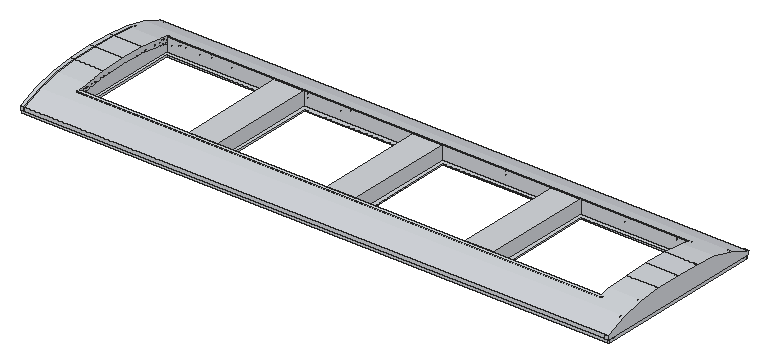
Revit family "Gira_021407", category Electrical Fixtures, host Face, Revit 2017
Family settings
  Host = Face
  Maintain Annotation Orientation = No
  Round Connector Dimension = Use Diameter
  Part Type = Normal
  Cut with Voids When Loaded = No
  Shared = No
  Room Calculation Point = No
Parameters (values of type "Cov.fr. 4-g interm.fr. AN Gira Event p.white m")
  With mounting grid = "No"
  With hinged lid = "No"
  URL = "http://katalog.gira.de/en/datenblatt.html?artikelnr=021407"
  Type of fastening = "Clamp mounting"
  Transparent = "No"
  Surface protection = "Other"
  Suitable for wall duct = "No"
  Suitable for flush-mounted installation = "Yes"
  Suitable for floor box = "No"
  Suitable for built-in installation = "No"
  Number of units vertical = "4"
  Number of units horizontal = "4"
  Number of units = "4"
  Name = "Cov.fr. 4-g interm.fr. AN Gira Event p.white m"
  Mounting direction = "Horizontal and vertical"
  Material quality = "Thermoplastic"
  Material = "Plastic"
  Manufacturer URL = "https://www.gira.de/"
  Manufacturer = "Gira"
  Label space/information surface = "No"
  Keynote = ""
  HeinzeBIM = "https://bimportal.heinze.de/bim/cov-fr-4-g-interm-fr-an-gira-event-p-white-m/b3e5ca9d17540028e93629af5a46acf671ed06f0"
  Halogen free = "Yes"
  HAN = "021407"
  GTIN = "4010337214076"
  Description = "Cov.fr.4g i.fr.AN Event PWm,Gira Event frames,pure white matt with anthracite intermediate frame,4-gang,Features:,- Shatter-proof."
  Degree of protection (IP) = "IP20"
  Default Elevation = 1219.2 mm
  Data sheet (1) = "https://katalog.gira.de/en/download.html?artikelnr=021407"
  Colour = "White"
  Category = "Cover frame for domestic switching devices"
  BIM (1) = "https://media.stage.bim.site/public/gira/36a6b08/Event_Rahmen_4fach.rfa"
  Available = "No"
Reference planes
  plane 1 "Center (Front/Back)": y = 0
  plane 2: z = 0
  plane 3 "Center (Left/Right)": x = 0
Forms (mm)
  Extrusion 1, solid, detail levels fine
    sketch origin (0, 0, 0.05) x (0, 1, 0) y (0, 0, 1)
      loop
        arc (12.445, 9.683) -> (6.223, 9.833) -> (0, 9.85) r 291.636
        arc (0, 9.85) -> (-6.223, 9.833) -> (-12.445, 9.683) r 291.636
        arc (-12.445, 9.683) -> (-29.14, 7.482) -> (-45, 1.823) r 79.728
        line (-45, 1.823) -> (-45, -0.05) -> (-42.086, -0.05)
        arc (-42.086, -0.05) -> (-21.385, 5.559) -> (0, 7.206) r 114.424
        arc (0, 7.206) -> (21.385, 5.559) -> (42.086, -0.05) r 114.424
        line (42.086, -0.05) -> (45, -0.05) -> (45, 1.823)
        arc (45, 1.823) -> (29.14, 7.482) -> (12.445, 9.683) r 79.728
    from -151.95 to 151.935
  Extrusion 2, void, detail levels fine
    sketch origin (0, 0, 0) x (1, 0, 0) y (0, 1, 0)
      loop
        line (134.95, 28.035) -> (-134.95, 28.035) -> (-134.95, -28.035) -> (134.95, -28.035) -> (134.95, 28.035)
    from 0.724 to 11
  Extrusion 3, solid, detail levels coarse
    sketch origin (0, 0, 0) x (1, 0, 0) y (0, 1, 0)
      loop
        line (-151.95, 45) -> (-151.95, -45) -> (151.935, -45) -> (151.935, 45) -> (-151.95, 45)
    from -1.5 to 9.9
  Extrusion 4, solid, detail levels medium
    sketch origin (0, 0, 0.05) x (0, 1, 0) y (0, 0, 1)
      loop
        arc (12.445, 9.683) -> (6.223, 9.833) -> (0, 9.85) r 291.636
        arc (0, 9.85) -> (-6.223, 9.833) -> (-12.445, 9.683) r 291.636
        arc (-12.445, 9.683) -> (-29.14, 7.482) -> (-45, 1.823) r 79.728
        line (-45, 1.823) -> (-45, -0.05) -> (45, -0.05) -> (45, 1.823)
        arc (45, 1.823) -> (29.14, 7.482) -> (12.445, 9.683) r 79.728
    from -151.95 to 151.935
  Extrusion 5, solid, detail levels fine
    sketch origin (-106.95, 0, -1.5) x (0, 1, 0) y (0, 0, -1)
      loop
        line (45, -3.373) -> (45, -1.5) -> (-45, -1.5) -> (-45, -3.373)
        arc (-45, -3.373) -> (-29.14, -9.032) -> (-12.445, -11.233) r 79.728
        arc (-12.445, -11.233) -> (-6.223, -11.383) -> (0, -11.4) r 291.636
        arc (0, -11.4) -> (6.223, -11.383) -> (12.445, -11.233) r 291.636
        arc (12.445, -11.233) -> (29.14, -9.032) -> (45, -3.373) r 79.728
    from 43 to 45
  Extrusion 6, solid, detail levels fine
    sketch origin (0, 0, 0) x (1, 0, 0) y (0, 1, 0)
      loop
        line (-132.85, 25.7) -> (-132.85, -25.7) -> (-81.05, -25.7) -> (-81.05, 25.7) -> (-132.85, 25.7)
      loop
        line (-9.755, -25.7) -> (-9.755, 25.7) -> (-61.555, 25.7) -> (-61.555, -25.7) -> (-9.755, -25.7)
      loop
        line (-135.845, 28.49) -> (-135.845, -28.495)
        spline (-135.845, -28.495) -> (-135.836, -28.625) -> (-135.811, -28.754) -> (-135.769, -28.878) -> (-135.711, -28.995) -> (-135.638, -29.104) -> (-135.552, -29.202) -> (-135.454, -29.288) -> (-135.345, -29.361) -> (-135.228, -29.419) -> (-135.104, -29.461) -> (-134.975, -29.486) -> (-134.845, -29.495)
        line (-134.845, -29.495) -> (134.845, -29.495)
        spline (134.845, -29.495) -> (134.975, -29.486) -> (135.104, -29.461) -> (135.228, -29.419) -> (135.345, -29.361) -> (135.454, -29.288) -> (135.552, -29.202) -> (135.638, -29.104) -> (135.711, -28.995) -> (135.769, -28.878) -> (135.811, -28.754) -> (135.836, -28.625) -> (135.845, -28.495)
        line (135.845, -28.495) -> (135.845, 28.49)
        spline (135.845, 28.49) -> (135.836, 28.62) -> (135.811, 28.748) -> (135.769, 28.872) -> (135.711, 28.99) -> (135.638, 29.098) -> (135.552, 29.197) -> (135.454, 29.283) -> (135.345, 29.356) -> (135.228, 29.413) -> (135.104, 29.456) -> (134.975, 29.481) -> (134.845, 29.49)
        line (134.845, 29.49) -> (-134.845, 29.49)
        spline (-134.845, 29.49) -> (-134.975, 29.481) -> (-135.104, 29.456) -> (-135.228, 29.413) -> (-135.345, 29.356) -> (-135.454, 29.283) -> (-135.552, 29.197) -> (-135.638, 29.098) -> (-135.711, 28.99) -> (-135.769, 28.872) -> (-135.811, 28.748) -> (-135.836, 28.62) -> (-135.845, 28.49)
      loop
        line (61.545, -25.7) -> (61.545, 25.7) -> (9.745, 25.7) -> (9.745, -25.7) -> (61.545, -25.7)
      loop
        line (132.85, -25.7) -> (132.85, 25.7) -> (81.05, 25.7) -> (81.05, -25.7) -> (132.85, -25.7)
    from 0.1 to 7.3
  Extrusion 7, solid
    sketch origin (0, 0, 0) x (1, 0, 0) y (0, 1, 0)
      loop
        arc (-151.65, -44.218) -> (-151.504, -44.572) -> (-151.15, -44.718) r 0.5
        line (-151.15, -44.718) -> (151.15, -44.718)
        arc (151.15, -44.718) -> (151.504, -44.572) -> (151.65, -44.218) r 0.5
        line (151.65, -44.218) -> (151.65, 44.182)
        arc (151.65, 44.182) -> (151.504, 44.535) -> (151.15, 44.682) r 0.5
        line (151.15, 44.682) -> (-151.15, 44.682)
        arc (-151.15, 44.682) -> (-151.504, 44.535) -> (-151.65, 44.182) r 0.5
        line (-151.65, 44.182) -> (-151.65, -44.218)
      loop
        line (-149.95, 42.982) -> (-149.95, -43.018) -> (149.95, -43.018) -> (149.95, 42.982) -> (-149.95, 42.982)
    from -1.5 to 0.5
  Extrusion 8, solid, detail levels fine
    sketch origin (106.935, 0, -1.5) x (0, 1, 0) y (0, 0, 1)
      loop
        arc (45, 3.373) -> (29.14, 9.032) -> (12.445, 11.233) r 79.728
        arc (12.445, 11.233) -> (6.223, 11.383) -> (0, 11.4) r 291.636
        arc (0, 11.4) -> (-6.223, 11.383) -> (-12.445, 11.233) r 291.636
        arc (-12.445, 11.233) -> (-29.14, 9.032) -> (-45, 3.373) r 79.728
        line (-45, 3.373) -> (-45, 1.5) -> (45, 1.5) -> (45, 3.373)
    from 43 to 45
  Extrusion 9, solid, detail levels medium
    sketch origin (0, 0, 0) x (1, 0, 0) y (0, 1, 0)
      loop
        line (-151.65, -44.718) -> (151.65, -44.718) -> (151.65, 44.682) -> (-151.65, 44.682) -> (-151.65, -44.718)
    from -1.5 to 0.5
  Extrusion 10, solid, detail levels fine
    sketch origin (-69.857, 0, 0) x (1, 0, 0) y (0, 1, 0)
      loop
        line (-8.943, 28.063) -> (-8.943, -27.937) -> (6.057, -27.937) -> (6.057, 28.063) -> (-8.943, 28.063)
    from 0.724 to 7.566
  Extrusion 11, solid, detail levels fine
    sketch origin (-1.443, 0, 0) x (-1, 0, 0) y (0, -1, 0)
      loop
        line (-8.943, -28.063) -> (6.057, -28.063) -> (6.057, 27.937) -> (-8.943, 27.937) -> (-8.943, -28.063)
    from 0.724 to 7.566
  Extrusion 12, solid, detail levels fine
    sketch origin (69.857, 0, 0) x (-1, 0, 0) y (0, -1, 0)
      loop
        line (-8.943, -28.063) -> (6.057, -28.063) -> (6.057, 27.937) -> (-8.943, 27.937) -> (-8.943, -28.063)
    from 0.724 to 7.566
Cuts and joins
  Extrusion 2 cuts Extrusion 1
  Extrusion 2 cuts Extrusion 6
Dimensions and locks
  aligned and locked: plane 2 to host face
  aligned and locked: level to host face
